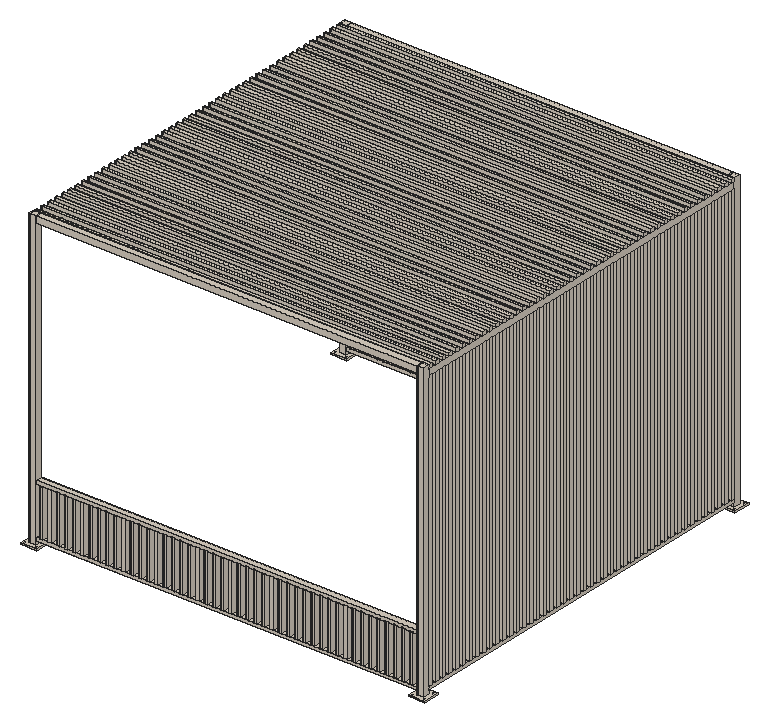
Revit family "Sun-Shades_SURYA_PalmSHIELD", category Generic Models, Revit 2021
Family settings
  Can host rebar = No
  Round Connector Dimension = Use Diameter
  Part Type = Normal
  Work Plane-Based = No
  Always vertical = Yes
  Cut with Voids When Loaded = No
  Shared = No
  Room Calculation Point = No
Parameters
  X2 [instance] = Length  # 20' - 0"
  X1 [instance] = Depth - 0' 8"  # 19' - 4"
  Side Trellis Length [instance] = Length - 0' 8"  # 19' - 4"
  Short Wall at Sides [instance] = yes
  Purlins Spacing Desired [instance] = 0' - 3"
  Length [instance] = 20' - 0"
  Wall Length [instance] = Depth - 0' 8"  # 19' - 4"
  URL = "https://palmshieldlouvers.com/"
  Trellis Length [instance] = Depth - 0' 8"  # 19' - 4"
  Trellis Height = 3' - 0"
  Specification = "https://www.arcat.com/company/palmshield-53925/spec"
  Purlin Width = 0' - 2"
  Purlin Height = 0' - 2"
  Product Page URL = "https://www.arcat.com/company/palmshield-53925"
  Material [instance] = PalmSHIELD - Alloy
  Manufacturer = "PalmSHIELD"  # constant formula
  Keynote = "06 87 00"
  Height [instance] = 15' - 0"
  Depth [instance] = 20' - 0"
  Default Elevation = 0' - 0"
  Copyright = "©ARCAT"  # constant formula
  Column Width [instance] = Length - 0' 8"  # 19' - 4"
  Center to Center [instance] = Purlins Spacing Desired + 0' 2"  # 0' - 5"
  CAD Details = "https://www.arcat.com/company/palmshield-53925/cad"
  Backside Wall Purlins Height [instance] = Height - 0' 6"  # 14' - 6"
Reference planes (in)
  plane 1 "Center (Front/Back)": y = 0
  plane 2: z = 0
  plane 3 "Center (Left/Right)": x = 0
  plane 4: y = 120
  plane 5: y = -120
  plane 6: x = -120
  plane 7: x = 120
  plane 8: y = 116
  plane 9: y = 119.75
  plane 10: y = 116.25
  plane 11: y = -116
  plane 12: y = -119.75
  plane 13: y = -116.25
  plane 14: x = -116
  plane 15: x = -119.75
  plane 16: x = -116.25
  plane 17: x = 116
  plane 18: x = 119.75
  plane 19: x = 116.25
  plane 20: y = 118
  plane 21: y = -118
  plane 22: x = -118
  plane 23: x = 118
  plane 24: z = 180
  plane 25: z = 178
  plane 26: z = 177.75
  plane 27: z = 174
  plane 28: z = 174.25
  plane 29: z = 3
  plane 30: z = 36
Forms (in)
  Extrusion 1, solid, material "PalmSHIELD - Alloy" <- "Material"
    sketch origin (0, 0, 0) x (1, 0, 0) y (0, 0, 1)
      loop
        line (-120, 178) -> (-120, 174) -> (-116, 174) -> (-116, 178) -> (-120, 178)
      loop
        line (-119.75, 177.75) -> (-119.75, 174.25) -> (-116.25, 174.25) -> (-116.25, 177.75) -> (-119.75, 177.75)
      loop
        line (116, 178) -> (116, 174) -> (120, 174) -> (120, 178) -> (116, 178)
      loop
        line (119.75, 177.75) -> (116.25, 177.75) -> (116.25, 174.25) -> (119.75, 174.25) -> (119.75, 177.75)
    from -116 to 116
Dimensions and locks (in)
  equal spacing: plane 6, plane 3 "Center (Left/Right)", plane 7
  equal spacing: plane 5, plane 1 "Center (Front/Back)", plane 4
  "Depth": plane 4 to plane 5
  "Length": plane 6 to plane 7
  locked: plane 4 to plane 9 at 0.25
  locked: plane 10 to plane 8 at 0.25
  locked: plane 4 to plane 8 at 4
  locked: plane 5 to plane 12 at 0.25
  locked: plane 13 to plane 11 at 0.25
  locked: plane 5 to plane 11 at 4
  locked: plane 6 to plane 15 at 0.25
  locked: plane 16 to plane 14 at 0.25
  locked: plane 6 to plane 14 at 4
  locked: plane 7 to plane 18 at 0.25
  locked: plane 19 to plane 17 at 0.25
  locked: plane 7 to plane 17 at 4
  equal spacing: plane 4, plane 20, plane 8
  equal spacing: plane 5, plane 21, plane 11
  equal spacing: plane 6, plane 22, plane 14
  equal spacing: plane 17, plane 23, plane 7
  "Purlin Height": plane 24 to plane 25
  plane 25 to plane 26 to plane 28 to plane 27 = 0' - 0 1/4" locked, 0' - 3 1/2" locked, 0' - 0 1/4" locked
  "Height": plane 24 to level
  locked: plane 29 to plane 2 at 3
  nested 4 to nested 4 = 19' - 4"
  "Trellis Height": plane 30 to plane 2
  aligned and locked: plane 2 to level
  aligned and locked: plane 3 "Center (Left/Right)" to nested 1
  aligned and locked: plane 20 to nested 1
  aligned and locked: nested 2 to plane 3 "Center (Left/Right)"
  aligned and locked: nested 2 to plane 21
  aligned and locked: Extrusion 1 sketch curve to plane 6
  aligned and locked: Extrusion 1 sketch curve to plane 25  (x2)
  aligned and locked: Extrusion 1 sketch curve to plane 14
  aligned and locked: Extrusion 1 sketch curve to plane 27  (x2)
  aligned and locked: Extrusion 1 sketch curve to plane 26  (x2)
  aligned and locked: Extrusion 1 sketch curve to plane 15
  aligned and locked: Extrusion 1 sketch curve to plane 16
  aligned and locked: Extrusion 1 sketch curve to plane 28  (x2)
  aligned and locked: Extrusion 1 sketch curve to plane 7
  aligned and locked: Extrusion 1 sketch curve to plane 18
  aligned and locked: Extrusion 1 sketch curve to plane 19
  aligned and locked: Extrusion 1 sketch curve to plane 17
  aligned and locked: plane 8 to Extrusion 1
  aligned and locked: plane 11 to Extrusion 1
  aligned and locked: nested 3 to plane 3 "Center (Left/Right)"
  aligned and locked: nested 3 to plane 1 "Center (Front/Back)"
  aligned and locked: nested 4 to plane 1 "Center (Front/Back)"
  aligned and locked: plane 23 to nested 4
  aligned and locked: nested 4 to plane 29
  aligned and locked: nested 5 to plane 3 "Center (Left/Right)"
  aligned and locked: plane 20 to nested 5
  aligned and locked: plane 3 "Center (Left/Right)" to nested 6
  aligned and locked: nested 6 to plane 21
  aligned and locked: plane 29 to nested 5
  aligned and locked: nested 6 to plane 29
Nested families (in)
  nested 1: "ALUMINUM SQ TUBE 4 X 4 X 0.25 BEAM 6063-T52" at (0, 118, -0.125) x (0, 1, 0) z (0, 0, 1), type "ALUMINUM SQ TUBE 4 X 4 X 0.25 BEAM 6063-T52"
    with LENGTH 19' - 4", WIDTH 19' - 4", HEIGHT 15' - 0"
  nested 2: "ALUMINUM SQ TUBE 4 X 4 X 0.25 BEAM 6063-T52" at (0, -118, -0.125) x (0, 1, 0) z (0, 0, 1), type "ALUMINUM SQ TUBE 4 X 4 X 0.25 BEAM 6063-T52"
    with LENGTH 19' - 4", WIDTH 19' - 4", HEIGHT 15' - 0"
  nested 3: "Family1" at (120, 0, 180) x (0, -1, 0) z (0, 0, -1), Purlin Spacing Desired <- "Purlins Spacing Desired", type "Overhanging Beams"
    with Purlin Spacing Desired 0' - 3", Purlin Spacing Calculated 0' - 3.11111", No of Horizontal Purlin 46, Center of Center 0' - 5.11111"
  nested 4: "BackSide Vertical Purlins" at (118, 0, 0) x (0, 1, 0) z (0, 0, 1), Purlins Spacing Desired <- "Purlins Spacing Desired", type "Trellis"
    with Wind & Privacy Ad On Options_Planter Trellis no, Wind & Privacy AD on Option - Vertical Privacy Aluminum Slats yes, Wall Purlins Height_1 14' - 1", Redius_2 12' - 0", Purlins Spacing Desired 0' - 3", Purlins Spacing Calculated 0' - 3.11111", No Of Trellis Purlins 46, Center to Center 0' - 5.11111"
  nested 5: "Trellis" at (0, 118, 0) x (-1, 0, 0) z (0, 0, 1), visible <- "Short Wall at Sides", type "Trellis 2"
    with Wind & Privacy Ad On Options_Planter Trellis no, Wind & Privacy AD on Option - Vertical Privacy Aluminum Slats yes, Wall Purlins Height 2' - 5", Redius_2 12' - 0", Trellis Length 19' - 4", Purlins Width 0' - 2", No Of Trellis Purlins 23
  nested 6: "Trellis" at (0, -118, 0) x (-1, 0, 0) z (0, 0, 1), visible <- "Short Wall at Sides", type "Trellis 2"
    with Wind & Privacy Ad On Options_Planter Trellis no, Wind & Privacy AD on Option - Vertical Privacy Aluminum Slats yes, Wall Purlins Height 2' - 5", Redius_2 12' - 0", Trellis Length 19' - 4", Purlins Width 0' - 2", No Of Trellis Purlins 23
Definition of nested family "ALUMINUM SQ TUBE 4 X 4 X 0.25 BEAM 6063-T52"
  Parameters (values of type "ALUMINUM SQ TUBE 4 X 4 X 0.25 BEAM 6063-T52")
    LENGTH = 24' - 2"
    WIDTH = 24' - 10"
    HEIGHT = 10' - 0"
    BEAM HEIGHT = 0' - 4"
    Default Elevation = 0' - 0"
    ALUMINUM = none
  Reference planes (in)
    plane 1 "Center (Front/Back)": y = 0
    plane 2: z = 0.125
    plane 3 "Center (Left/Right)": x = 0
    plane 4: z = 120.125
    plane 5: z = 116.375
    plane 6: z = 119.875
    plane 7: y = 145
    plane 8: y = -145
    plane 9: y = 149
    plane 10: y = -149
    plane 11: y = -147
    plane 12: z = 116.125
    plane 13: z = 118.125
    plane 14: y = 147
    plane 15: x = -2
    plane 16: x = 2
    plane 17: x = -1.75
    plane 18: x = 1.75
    plane 19: y = 152
    plane 20: y = 150.5
    plane 21: y = 142
    plane 22: y = 143.5
    plane 23: x = -5
    plane 24: x = 5
    plane 25: x = 3.5
    plane 26: x = -3.5
  Forms (in)
    Extrusion 1, solid, material <- "ALUMINUM"
      sketch origin (0, 0, 0) x (1, 0, 0) y (0, 0, 1)
        loop
          line (-2, 120.125) -> (-2, 116.125) -> (2, 116.125) -> (2, 120.125) -> (-2, 120.125)
        loop
          line (-1.75, 116.375) -> (1.75, 116.375) -> (1.75, 119.875) -> (-1.75, 119.875) -> (-1.75, 116.375)
      from -145 to 145
  Dimensions and locks (in)
    locked: plane 5 to plane 12 at 0.25
    locked: plane 4 to plane 6 at 0.25
    equal spacing: plane 7, plane 1 "Center (Front/Back)", plane 8
    "LENGTH": plane 7 to plane 8
    locked: plane 8 to plane 10 at 4
    equal spacing: plane 8, plane 11, plane 10
    "BEAM HEIGHT": plane 4 to plane 12
    equal spacing: plane 4, plane 13, plane 12
    "HEIGHT": plane 4 to level
    equal spacing: plane 7, plane 14, plane 9
    locked: plane 9 to plane 7 at 4
    equal spacing: plane 19, plane 20, plane 9
    equal spacing: plane 21, plane 22, plane 7
    locked: plane 19 to plane 9 at 3
    locked: plane 7 to plane 21 at 3
    equal spacing: plane 16, plane 25, plane 24
    locked: plane 16 to plane 24 at 3
    equal spacing: plane 15, plane 26, plane 23
    locked: plane 15 to plane 23 at 3
    aligned and locked: plane 2 to level
    aligned and locked: Extrusion 1 sketch curve to plane 4
    aligned and locked: Extrusion 1 sketch curve to plane 5
    aligned and locked: Extrusion 1 sketch curve to plane 6
    aligned and locked: nested 1 to plane 3 "Center (Left/Right)"
    aligned and locked: nested 1 to plane 11
    aligned and locked: Extrusion 1 to plane 12
    aligned and locked: nested 2 to plane 3 "Center (Left/Right)"
    aligned and locked: plane 14 to nested 2
    aligned and locked: plane 7 to Extrusion 1
    aligned and locked: Extrusion 1 sketch curve to plane 17
    aligned and locked: Extrusion 1 sketch curve to plane 15
    aligned and locked: Extrusion 1 sketch curve to plane 18
    aligned and locked: Extrusion 1 sketch curve to plane 16
    aligned and locked: Extrusion 1 to plane 8
  Automatic sketch dimensions
    Extrusion 1 sketch curve to plane 12 = 0' - 0"
  Nested families (in)
    nested 1: "STEEL SQ TUBE 4 X 4 X 0.25 CAPPED ASTM A500 GR.B" at (0, -147, 0.125), type "STEEL SQ TUBE 4 X 4 X 0.25 CAPPED ASTM A500 GR.B"
    nested 2: "STEEL SQ TUBE 4 X 4 X 0.25 CAPPED ASTM A500 GR.B" at (0, 147, 0.125), type "STEEL SQ TUBE 4 X 4 X 0.25 CAPPED ASTM A500 GR.B"
  Definition of nested family "STEEL SQ TUBE 4 X 4 X 0.25 CAPPED ASTM A500 GR.B"
    Parameters (values of type "STEEL SQ TUBE 4 X 4 X 0.25 CAPPED ASTM A500 GR.B")
      WIDTH = 0' - 4"
      STEEL = none
      HEIGHT = 10' - 0"
      Default Elevation = 0' - 0"
      DEPTH = 0' - 4"
      BASE PLATE WIDTH = 0' - 10"
      BASE PLATE THICKNESS = 0' - 0 3/4"
      BASE PLATE DEPTH = 0' - 10"
    Reference planes (in)
      plane 1 "Center (Front/Back)": y = 0
      plane 2: z = 0
      plane 3 "Center (Left/Right)": x = 0
      plane 4: y = 2
      plane 5: y = -2
      plane 6: x = -2
      plane 7: x = 2
      plane 8: x = -1.75
      plane 9: x = 1.75
      plane 10: y = 1.75
      plane 11: y = -1.75
      plane 12: z = 120
      plane 13: x = -5
      plane 14: x = 5
      plane 15: y = 5
      plane 16: y = -5
      plane 17: z = 0.75
      plane 18: y = 3.5
      plane 19: y = -3.5
      plane 20: x = -3.5
      plane 21: x = 3.5
      plane 22: z = 119.75
    Forms (in)
      Extrusion 1, solid, material <- "STEEL"
        sketch origin (0, 0, 0) x (1, 0, 0) y (0, 1, 0)
          loop
            line (-2, 2) -> (-2, -2) -> (2, -2) -> (2, 2) -> (-2, 2)
          loop
            line (-1.75, 1.75) -> (-1.75, -1.75) -> (1.75, -1.75) -> (1.75, 1.75) -> (-1.75, 1.75)
        from 0.75 to 120
      Extrusion 2, solid, material <- "STEEL"
        sketch origin (0, 0, 0) x (1, 0, 0) y (0, 1, 0)
          loop
            line (-5, 5) -> (-5, -5) -> (5, -5) -> (5, 5) -> (-5, 5)
        from 0 to 0.75
      Extrusion 3, void
        sketch origin (0, 0, 0) x (1, 0, 0) y (0, 1, 0)
          loop
            circle (-3.5, 3.5) r 0.25
          loop
            circle (-3.5, -3.5) r 0.25
          loop
            circle (3.5, 3.5) r 0.25
          loop
            circle (3.5, -3.5) r 0.25
        from 0 to 0.75
      Extrusion 4, solid, material <- "STEEL"
        sketch origin (0, 0, 0) x (1, 0, 0) y (0, 1, 0)
          loop
            line (-1.75, 1.75) -> (-1.75, -1.75) -> (1.75, -1.75) -> (1.75, 1.75) -> (-1.75, 1.75)
        from 119.75 to 120
    Cuts and joins
      Extrusion 3 cuts Extrusion 2
      joined: Extrusion 1, Extrusion 4
    Dimensions and locks (in)
      equal spacing: plane 6, plane 3 "Center (Left/Right)", plane 7
      equal spacing: plane 4, plane 1 "Center (Front/Back)", plane 5
      "WIDTH": plane 6 to plane 7
      "DEPTH": plane 4 to plane 5
      locked: plane 4 to plane 10 at 0.25
      locked: plane 6 to plane 8 at 0.25
      locked: plane 9 to plane 7 at 0.25
      locked: plane 11 to plane 5 at 0.25
      "HEIGHT": plane 12 to level
      equal spacing: plane 15, plane 1 "Center (Front/Back)", plane 16
      equal spacing: plane 13, plane 3 "Center (Left/Right)", plane 14
      "BASE PLATE WIDTH": plane 13 to plane 14
      "BASE PLATE DEPTH": plane 15 to plane 16
      "BASE PLATE THICKNESS": plane 17 to plane 2
      equal spacing: plane 15, plane 18, plane 4, locked at 1.5 each
      equal spacing: plane 16, plane 19, plane 5, locked at 1.5 each
      equal spacing: plane 13, plane 20, plane 6, locked at 1.5 each
      equal spacing: plane 14, plane 21, plane 7, locked at 1.5 each
      locked: plane 12 to plane 22 at 0.25
      aligned and locked: plane 2 to level
      aligned and locked: Extrusion 1 sketch curve to plane 4
      aligned and locked: Extrusion 1 sketch curve to plane 10
      aligned and locked: Extrusion 1 sketch curve to plane 8
      aligned and locked: Extrusion 1 sketch curve to plane 6
      aligned and locked: plane 11 to Extrusion 1 sketch curve
      aligned and locked: Extrusion 1 sketch curve to plane 5
      aligned and locked: Extrusion 1 sketch curve to plane 7
      aligned and locked: plane 9 to Extrusion 1 sketch curve
      aligned and locked: plane 12 to Extrusion 1
      aligned and locked: Extrusion 2 sketch curve to plane 13
      aligned and locked: Extrusion 2 sketch curve to plane 15
      aligned and locked: Extrusion 2 sketch curve to plane 16
      aligned and locked: Extrusion 2 sketch curve to plane 14
      aligned and locked: Extrusion 2 to plane 2
      aligned and locked: plane 17 to Extrusion 2
      aligned and locked: Extrusion 1 to plane 17
      aligned and locked: plane 20 to Extrusion 3 sketch curve  (x2)
      aligned and locked: plane 18 to Extrusion 3 sketch curve  (x2)
      aligned and locked: plane 19 to Extrusion 3 sketch curve  (x2)
      aligned and locked: plane 21 to Extrusion 3 sketch curve  (x2)
      aligned and locked: Extrusion 3 to level
      aligned and locked: plane 17 to Extrusion 3
      aligned and locked: Extrusion 4 sketch curve to plane 10
      aligned and locked: plane 8 to Extrusion 4 sketch curve
      aligned and locked: Extrusion 4 sketch curve to plane 11
      aligned and locked: plane 9 to Extrusion 4 sketch curve
      aligned and locked: Extrusion 4 to plane 22
      aligned and locked: plane 12 to Extrusion 4
    Automatic sketch dimensions
      radius of Extrusion 3 sketch curve = 0' - 0 1/4"  (x4)
Definition of nested family "Family1"
  Parameters (values of type "Overhanging Beams")
    Up = yes
    Purlin Width Half = Purlin Width / 2  # 0' - 1"
    Purlin Width = 0' - 2"
    Purlin Spacing Desired [instance] = 0' - 2"
    Purlin Spacing Calculated [instance] = (L - (No of Horizontal Purlin * Purlin Width)) / (No of Horizontal Purlin - 1)  # 0' - 2.03509"
    Purlin Length = 20' - 0"
    Purlin Height = 0' - 2"
    No of Horizontal Purlin [instance] = (L / (Purlin Width + Purlin Spacing Desired))  # 58
    Material = none
    L = 19' - 4"
    Down = no
    Default Elevation = 4' - 0"
    Center of Center [instance] = Purlin Width + Purlin Spacing Calculated  # 0' - 4.03509"
  Reference planes (in)
    plane 1 "Center (Front/Back)": y = 0
    plane 2: z = 0
    plane 3 "Center (Left/Right)": x = 0
    plane 4: y = 240
    plane 5: x = -116
    plane 6: x = 116
    plane 7: x = -115
    plane 8: x = -110.96491
    plane 9: y = 120
  Forms (in)
    Extrusion 1, solid
      sketch origin (0, 0, 0) x (1, 0, 0) y (0, 1, 0)
        loop
          line (-48, 48) -> (-48, -48) -> (48, -48) -> (48, 48) -> (-48, 48)
      from 0 to -12
  Dimensions and locks (in)
    "Purlin Length": plane 4 to plane 1 "Center (Front/Back)"
    "L": plane 5 to plane 6
    equal spacing: plane 5, plane 3 "Center (Left/Right)", plane 6
    "Center of Center": plane 7 to plane 8
    equal spacing: group 1, group 2, group 3, group 4, group 5, group 6, group 7, group 8, group 9, group 10, group 11, group 12, group 13, group 14, group 15, group 16, group 17, group 18, group 19, group 20, group 21, group 22, group 23, group 24, group 25, group 26, group 27, group 28, group 29, group 30, group 31, group 32, group 33, group 34, group 35, group 36, group 37, group 38, group 39, group 40, group 41, group 42, group 43, group 44, group 45, group 46, group 47, group 48, group 49, group 50, group 51, group 52, group 53, group 54, group 55, group 56, group 57, group 58  (x3)
    equal spacing: plane 1 "Center (Front/Back)", plane 9, plane 4
    "Purlin Width Half": plane 5 to plane 7
    aligned and locked: plane 2 to Extrusion 1
    aligned and locked: level to Extrusion 1
    aligned and locked: nested 1 to plane 7
    aligned and locked: plane 8 to nested 2
  Automatic sketch dimensions
    Extrusion 1 sketch curve to Extrusion 1 sketch curve = 8' - 0"  (x2)
  Nested families (in)
    nested 1: "Family2" at (-115, 0, 0) x (-1, 0, 0) z (0, 0, 1), type "Up"
      with Up yes, Purlin Length 20' - 0", Down no
    nested 2: "Family2" at (-110.96491, 0, 0) x (-1, 0, 0) z (0, 0, 1), type "Up"
      with Up yes, Purlin Length 20' - 0", Down no
    nested 3: "Family2" at (-106.92982, 0, 0) x (-1, 0, 0) z (0, 0, 1), type "Up"
      with Up yes, Purlin Length 20' - 0", Down no
    nested 4: "Family2" at (-102.89474, 0, 0) x (-1, 0, 0) z (0, 0, 1), type "Up"
      with Up yes, Purlin Length 20' - 0", Down no
    nested 5: "Family2" at (-98.85965, 0, 0) x (-1, 0, 0) z (0, 0, 1), type "Up"
      with Up yes, Purlin Length 20' - 0", Down no
    nested 6: "Family2" at (-94.82456, 0, 0) x (-1, 0, 0) z (0, 0, 1), type "Up"
      with Up yes, Purlin Length 20' - 0", Down no
    nested 7: "Family2" at (-90.78947, 0, 0) x (-1, 0, 0) z (0, 0, 1), type "Up"
      with Up yes, Purlin Length 20' - 0", Down no
    nested 8: "Family2" at (-86.75439, 0, 0) x (-1, 0, 0) z (0, 0, 1), type "Up"
      with Up yes, Purlin Length 20' - 0", Down no
    nested 9: "Family2" at (-82.7193, 0, 0) x (-1, 0, 0) z (0, 0, 1), type "Up"
      with Up yes, Purlin Length 20' - 0", Down no
    nested 10: "Family2" at (-78.68421, 0, 0) x (-1, 0, 0) z (0, 0, 1), type "Up"
      with Up yes, Purlin Length 20' - 0", Down no
    nested 11: "Family2" at (-74.64912, 0, 0) x (-1, 0, 0) z (0, 0, 1), type "Up"
      with Up yes, Purlin Length 20' - 0", Down no
    nested 12: "Family2" at (-70.61404, 0, 0) x (-1, 0, 0) z (0, 0, 1), type "Up"
      with Up yes, Purlin Length 20' - 0", Down no
    nested 13: "Family2" at (-66.57895, 0, 0) x (-1, 0, 0) z (0, 0, 1), type "Up"
      with Up yes, Purlin Length 20' - 0", Down no
    nested 14: "Family2" at (-62.54386, 0, 0) x (-1, 0, 0) z (0, 0, 1), type "Up"
      with Up yes, Purlin Length 20' - 0", Down no
    nested 15: "Family2" at (-58.50877, 0, 0) x (-1, 0, 0) z (0, 0, 1), type "Up"
      with Up yes, Purlin Length 20' - 0", Down no
    nested 16: "Family2" at (-54.47368, 0, 0) x (-1, 0, 0) z (0, 0, 1), type "Up"
      with Up yes, Purlin Length 20' - 0", Down no
    nested 17: "Family2" at (-50.4386, 0, 0) x (-1, 0, 0) z (0, 0, 1), type "Up"
      with Up yes, Purlin Length 20' - 0", Down no
    nested 18: "Family2" at (-46.40351, 0, 0) x (-1, 0, 0) z (0, 0, 1), type "Up"
      with Up yes, Purlin Length 20' - 0", Down no
    nested 19: "Family2" at (-42.36842, 0, 0) x (-1, 0, 0) z (0, 0, 1), type "Up"
      with Up yes, Purlin Length 20' - 0", Down no
    nested 20: "Family2" at (-38.33333, 0, 0) x (-1, 0, 0) z (0, 0, 1), type "Up"
      with Up yes, Purlin Length 20' - 0", Down no
    nested 21: "Family2" at (-34.29825, 0, 0) x (-1, 0, 0) z (0, 0, 1), type "Up"
      with Up yes, Purlin Length 20' - 0", Down no
    nested 22: "Family2" at (-30.26316, 0, 0) x (-1, 0, 0) z (0, 0, 1), type "Up"
      with Up yes, Purlin Length 20' - 0", Down no
    nested 23: "Family2" at (-26.22807, 0, 0) x (-1, 0, 0) z (0, 0, 1), type "Up"
      with Up yes, Purlin Length 20' - 0", Down no
    nested 24: "Family2" at (-22.19298, 0, 0) x (-1, 0, 0) z (0, 0, 1), type "Up"
      with Up yes, Purlin Length 20' - 0", Down no
    nested 25: "Family2" at (-18.15789, 0, 0) x (-1, 0, 0) z (0, 0, 1), type "Up"
      with Up yes, Purlin Length 20' - 0", Down no
    nested 26: "Family2" at (-14.12281, 0, 0) x (-1, 0, 0) z (0, 0, 1), type "Up"
      with Up yes, Purlin Length 20' - 0", Down no
    nested 27: "Family2" at (-10.08772, 0, 0) x (-1, 0, 0) z (0, 0, 1), type "Up"
      with Up yes, Purlin Length 20' - 0", Down no
    nested 28: "Family2" at (-6.05263, 0, 0) x (-1, 0, 0) z (0, 0, 1), type "Up"
      with Up yes, Purlin Length 20' - 0", Down no
    nested 29: "Family2" at (-2.01754, 0, 0) x (-1, 0, 0) z (0, 0, 1), type "Up"
      with Up yes, Purlin Length 20' - 0", Down no
    nested 30: "Family2" at (2.01754, 0, 0) x (-1, 0, 0) z (0, 0, 1), type "Up"
      with Up yes, Purlin Length 20' - 0", Down no
    nested 31: "Family2" at (6.05263, 0, 0) x (-1, 0, 0) z (0, 0, 1), type "Up"
      with Up yes, Purlin Length 20' - 0", Down no
    nested 32: "Family2" at (10.08772, 0, 0) x (-1, 0, 0) z (0, 0, 1), type "Up"
      with Up yes, Purlin Length 20' - 0", Down no
    nested 33: "Family2" at (14.12281, 0, 0) x (-1, 0, 0) z (0, 0, 1), type "Up"
      with Up yes, Purlin Length 20' - 0", Down no
    nested 34: "Family2" at (18.15789, 0, 0) x (-1, 0, 0) z (0, 0, 1), type "Up"
      with Up yes, Purlin Length 20' - 0", Down no
    nested 35: "Family2" at (22.19298, 0, 0) x (-1, 0, 0) z (0, 0, 1), type "Up"
      with Up yes, Purlin Length 20' - 0", Down no
    nested 36: "Family2" at (26.22807, 0, 0) x (-1, 0, 0) z (0, 0, 1), type "Up"
      with Up yes, Purlin Length 20' - 0", Down no
    nested 37: "Family2" at (30.26316, 0, 0) x (-1, 0, 0) z (0, 0, 1), type "Up"
      with Up yes, Purlin Length 20' - 0", Down no
    nested 38: "Family2" at (34.29825, 0, 0) x (-1, 0, 0) z (0, 0, 1), type "Up"
      with Up yes, Purlin Length 20' - 0", Down no
    nested 39: "Family2" at (38.33333, 0, 0) x (-1, 0, 0) z (0, 0, 1), type "Up"
      with Up yes, Purlin Length 20' - 0", Down no
    nested 40: "Family2" at (42.36842, 0, 0) x (-1, 0, 0) z (0, 0, 1), type "Up"
      with Up yes, Purlin Length 20' - 0", Down no
    nested 41: "Family2" at (46.40351, 0, 0) x (-1, 0, 0) z (0, 0, 1), type "Up"
      with Up yes, Purlin Length 20' - 0", Down no
    nested 42: "Family2" at (50.4386, 0, 0) x (-1, 0, 0) z (0, 0, 1), type "Up"
      with Up yes, Purlin Length 20' - 0", Down no
    nested 43: "Family2" at (54.47368, 0, 0) x (-1, 0, 0) z (0, 0, 1), type "Up"
      with Up yes, Purlin Length 20' - 0", Down no
    nested 44: "Family2" at (58.50877, 0, 0) x (-1, 0, 0) z (0, 0, 1), type "Up"
      with Up yes, Purlin Length 20' - 0", Down no
    nested 45: "Family2" at (62.54386, 0, 0) x (-1, 0, 0) z (0, 0, 1), type "Up"
      with Up yes, Purlin Length 20' - 0", Down no
    nested 46: "Family2" at (66.57895, 0, 0) x (-1, 0, 0) z (0, 0, 1), type "Up"
      with Up yes, Purlin Length 20' - 0", Down no
    nested 47: "Family2" at (70.61404, 0, 0) x (-1, 0, 0) z (0, 0, 1), type "Up"
      with Up yes, Purlin Length 20' - 0", Down no
    nested 48: "Family2" at (74.64912, 0, 0) x (-1, 0, 0) z (0, 0, 1), type "Up"
      with Up yes, Purlin Length 20' - 0", Down no
    nested 49: "Family2" at (78.68421, 0, 0) x (-1, 0, 0) z (0, 0, 1), type "Up"
      with Up yes, Purlin Length 20' - 0", Down no
    nested 50: "Family2" at (82.7193, 0, 0) x (-1, 0, 0) z (0, 0, 1), type "Up"
      with Up yes, Purlin Length 20' - 0", Down no
    nested 51: "Family2" at (86.75439, 0, 0) x (-1, 0, 0) z (0, 0, 1), type "Up"
      with Up yes, Purlin Length 20' - 0", Down no
    nested 52: "Family2" at (90.78947, 0, 0) x (-1, 0, 0) z (0, 0, 1), type "Up"
      with Up yes, Purlin Length 20' - 0", Down no
    nested 53: "Family2" at (94.82456, 0, 0) x (-1, 0, 0) z (0, 0, 1), type "Up"
      with Up yes, Purlin Length 20' - 0", Down no
    nested 54: "Family2" at (98.85965, 0, 0) x (-1, 0, 0) z (0, 0, 1), type "Up"
      with Up yes, Purlin Length 20' - 0", Down no
    nested 55: "Family2" at (102.89474, 0, 0) x (-1, 0, 0) z (0, 0, 1), type "Up"
      with Up yes, Purlin Length 20' - 0", Down no
    nested 56: "Family2" at (106.92982, 0, 0) x (-1, 0, 0) z (0, 0, 1), type "Up"
      with Up yes, Purlin Length 20' - 0", Down no
    nested 57: "Family2" at (110.96491, 0, 0) x (-1, 0, 0) z (0, 0, 1), type "Up"
      with Up yes, Purlin Length 20' - 0", Down no
    nested 58: "Family2" at (115, 0, 0) x (-1, 0, 0) z (0, 0, 1), type "Up"
      with Up yes, Purlin Length 20' - 0", Down no
  Definition of nested family "Family2"
    Parameters (values of type "Down")
      Up = yes
      Purlin Length = 2' - 8.61991"
      Purlin Height = 0' - 3"
      Parlin Width = 0' - 2"
      Material = none
      Down = no
      Default Elevation = 0' - 0"
    Types (3): name | Up | Purlin Length | Purlin Height | Down
      Up | no | 19' - 4" | 0' - 2" | yes
      Down | yes | 2' - 8.61991" | 0' - 3" | no
      Family2 | no | 19' - 4" | 0' - 2" | no
    Reference planes (in)
      plane 1 "Center (Front/Back)": y = 0
      plane 2: z = 0
      plane 3 "Center (Left/Right)": x = 0
      plane 4: z = 3
      plane 5: x = -1
      plane 6: x = 1
      plane 7: z = -3
      plane 8: z = 2.875
      plane 9: z = -2.875
      plane 10: x = 0.875
      plane 11: x = -0.875
      plane 12: z = 0.125
      plane 13: z = -0.125
      plane 14: y = 32.61991
      plane 15: y = 0.125
      plane 16: y = 32.49491
    Forms (in)
      Extrusion 1, solid, material <- "Material", visible <- "Up"
        sketch origin (0, 0, 0) x (1, 0, 0) y (0, 0, 1)
          loop
            line (1, 3) -> (-1, 3) -> (-1, 0) -> (1, 0) -> (1, 3)
          loop
            line (-0.875, 2.875) -> (-0.875, 0.125) -> (0.875, 0.125) -> (0.875, 2.875) -> (-0.875, 2.875)
        from -32.61991 to 0
      Extrusion 2, solid, material <- "Material", visible <- "Down"
        sketch origin (0, 0, 0) x (1, 0, 0) y (0, 0, 1)
          loop
            line (-1, 0) -> (-1, -3) -> (1, -3) -> (1, 0) -> (-1, 0)
          loop
            line (0.875, -2.875) -> (0.875, -0.125) -> (-0.875, -0.125) -> (-0.875, -2.875) -> (0.875, -2.875)
        from 0 to -32.61991
      Extrusion 3, solid, material <- "Material", visible <- "Up"
        sketch origin (0, 0, 0) x (1, 0, 0) y (0, 0, 1)
          loop
            line (0.875, 2.875) -> (-0.875, 2.875) -> (-0.875, 0.125) -> (0.875, 0.125) -> (0.875, 2.875)
        from -0.125 to 0
      Extrusion 4, solid, material <- "Material", visible <- "Up"
        sketch origin (0, 0, 0) x (1, 0, 0) y (0, 0, 1)
          loop
            line (0.875, 2.875) -> (-0.875, 2.875) -> (-0.875, 0.125) -> (0.875, 0.125) -> (0.875, 2.875)
        from -32.61991 to -32.49491
      Extrusion 5, solid, material <- "Material", visible <- "Down"
        sketch origin (0, 0, 0) x (1, 0, 0) y (0, 0, 1)
          loop
            line (-0.875, -0.125) -> (-0.875, -2.875) -> (0.875, -2.875) -> (0.875, -0.125) -> (-0.875, -0.125)
        from -0.125 to 0
      Extrusion 6, solid, material <- "Material", visible <- "Down"
        sketch origin (0, 0, 0) x (1, 0, 0) y (0, 0, 1)
          loop
            line (-0.875, -0.125) -> (-0.875, -2.875) -> (0.875, -2.875) -> (0.875, -0.125) -> (-0.875, -0.125)
        from -32.61991 to -32.49491
    Cuts and joins
      joined: Extrusion 1, Extrusion 3, Extrusion 4
      joined: Extrusion 2, Extrusion 5, Extrusion 6
    Dimensions and locks (in)
      "Purlin Height": plane 4 to level
      equal spacing: plane 6, plane 3 "Center (Left/Right)", plane 5
      "Parlin Width": plane 5 to plane 6
      "Purlin Height": plane 2 to plane 7
      locked: plane 4 to plane 8 at 0.125
      locked: plane 9 to plane 7 at 0.125
      locked: plane 11 to plane 5 at 0.125
      locked: plane 10 to plane 6 at 0.125
      locked: plane 12 to plane 2 at 0.125
      locked: plane 13 to plane 2 at 0.125
      "Purlin Length": plane 14 to plane 1 "Center (Front/Back)"
      locked: plane 1 "Center (Front/Back)" to plane 15 at 0.125
      locked: plane 14 to plane 16 at 0.125
      aligned and locked: plane 2 to level
      aligned and locked: Extrusion 1 sketch curve to plane 4
      aligned and locked: Extrusion 1 sketch curve to plane 5
      aligned and locked: plane 6 to Extrusion 1 sketch curve
      aligned and locked: Extrusion 1 sketch curve to level
      aligned and locked: Extrusion 1 sketch curve to plane 11
      aligned and locked: Extrusion 1 sketch curve to plane 8
      aligned and locked: plane 10 to Extrusion 1 sketch curve
      aligned and locked: Extrusion 1 sketch curve to plane 12
      aligned and locked: plane 1 "Center (Front/Back)" to Extrusion 1
      aligned and locked: plane 14 to Extrusion 1
      aligned and locked: Extrusion 2 sketch curve to level
      aligned and locked: Extrusion 2 sketch curve to plane 5
      aligned and locked: plane 6 to Extrusion 2 sketch curve
      aligned and locked: plane 7 to Extrusion 2 sketch curve
      aligned and locked: plane 9 to Extrusion 2 sketch curve
      aligned and locked: plane 10 to Extrusion 2 sketch curve
      aligned and locked: Extrusion 2 sketch curve to plane 11
      aligned and locked: plane 13 to Extrusion 2 sketch curve
      aligned and locked: plane 14 to Extrusion 2
      aligned and locked: plane 1 "Center (Front/Back)" to Extrusion 2
      aligned and locked: Extrusion 1 to plane 1 "Center (Front/Back)"  (x2)
      aligned and locked: Extrusion 1 to plane 14
      aligned and locked: Extrusion 3 sketch curve to plane 8
      aligned and locked: Extrusion 3 sketch curve to plane 12
      aligned and locked: Extrusion 3 sketch curve to plane 11
      aligned and locked: plane 10 to Extrusion 3 sketch curve
      aligned and locked: plane 15 to Extrusion 3
      aligned and locked: plane 1 "Center (Front/Back)" to Extrusion 3
      aligned and locked: Extrusion 4 sketch curve to plane 8
      aligned and locked: Extrusion 4 sketch curve to plane 11
      aligned and locked: plane 10 to Extrusion 4 sketch curve
      aligned and locked: Extrusion 4 sketch curve to plane 12
      aligned and locked: plane 14 to Extrusion 4
      aligned and locked: Extrusion 4 to plane 16
      aligned and locked: plane 13 to Extrusion 5 sketch curve
      aligned and locked: plane 9 to Extrusion 5 sketch curve
      aligned and locked: Extrusion 5 sketch curve to plane 11
      aligned and locked: plane 10 to Extrusion 5 sketch curve
      aligned and locked: plane 1 "Center (Front/Back)" to Extrusion 5
      aligned and locked: plane 15 to Extrusion 5
      aligned and locked: plane 13 to Extrusion 6 sketch curve
      aligned and locked: plane 9 to Extrusion 6 sketch curve
      aligned and locked: Extrusion 6 sketch curve to plane 11
      aligned and locked: plane 10 to Extrusion 6 sketch curve
      aligned and locked: plane 14 to Extrusion 6
      aligned and locked: Extrusion 6 to plane 16
Definition of nested family "BackSide Vertical Purlins"
  Parameters (values of type "Trellis")
    Wind & Privacy Ad On Options_Planter Trellis [instance] = no
    Wind & Privacy AD on Option - Vertical Privacy Aluminum Slats [instance] = yes
    Wall Vertical Purlins = 12' - 0"
    Wall Purlins Height_1 [instance] = Back Side Wall Prlins Height - 0' 5"  # 14' - 1"
    Wall Length = 19' - 4"
    Purlins Spacing Desired [instance] = 0' - 3"
    Purlins Spacing Calculated [instance] = (Wall Length - (No Of Trellis Purlins * Purlins Width)) / (No Of Trellis Purlins - 1)  # 0' - 3.11111"
    Purlin Width Half = Purlins Width / 2  # 0' - 1"
    Back Side Wall Prlins Height = 14' - 6"
    Redius_2 [instance] = 12' - 0"
    Purlins Width = 0' - 2"
    No Of Trellis Purlins [instance] = (Wall Length / (Purlins Width + Purlins Spacing Desired))  # 46
    Material = none
    Default Elevation = 0' - 0"
    Center to Center [instance] = Purlins Width + Purlins Spacing Calculated  # 0' - 5.11111"
  Reference planes (in)
    plane 1 "Center (Front/Back)": y = 0
    plane 2: z = 0
    plane 3 "Center (Left/Right)": x = 0
    plane 4: x = -116
    plane 5: x = 116
    plane 6: x = -115
    plane 7: x = -109.88889
    plane 8: z = 3
    plane 9: y = 2
    plane 10: y = -2
    plane 11: y = -1.875
    plane 12: y = 1.875
    plane 13: z = 3.125
    plane 14: z = 5
    plane 15: z = 4.875
    plane 16: z = 174
    plane 17: z = 173.875
    plane 18: z = 172
    plane 19: z = 172.125
  Forms (in)
    Extrusion 1, solid, material <- "Material"
      sketch origin (0, 0, 0) x (0, 1, 0) y (0, 0, 1)
        loop
          line (2, 5) -> (-2, 5) -> (-2, 3) -> (2, 3) -> (2, 5)
        loop
          line (1.875, 4.875) -> (-1.875, 4.875) -> (-1.875, 3.125) -> (1.875, 3.125) -> (1.875, 4.875)
      from -116 to 116
  Dimensions and locks (in)
    "Wall Length": plane 4 to plane 5
    "Center to Center": plane 6 to plane 7
    plane 8 to level = 0' - 3"
    locked: plane 9 to plane 10 at 4
    locked: plane 12 to plane 9 at 0.125
    locked: plane 11 to plane 10 at 0.125
    plane 14 to plane 15 to plane 13 to plane 8 = 0' - 0 1/8" locked, 0' - 1 3/4" locked, 0' - 0 1/8" locked
    "Back Side Wall Prlins Height": plane 16 to level
    plane 16 to plane 17 to plane 19 to plane 18 = 0' - 0 1/8" locked, 0' - 1 3/4" locked, 0' - 0 1/8" locked
    plane 14 to level = 0' - 5"
    equal spacing: group 2, group 3, group 4, group 5, group 6, group 7, group 8, group 9, group 10, group 11, group 12, group 13, group 14, group 15, group 16, group 17, group 18, group 19, group 20, group 21, group 22, group 23, group 24, group 25, group 26, group 27, group 28, group 29, group 30, group 31, group 32, group 33, group 34, group 35, group 36, group 37, group 38, group 39, group 40, group 41, group 42, group 43, group 44, group 45, group 46, group 47  (x3)
    equal spacing: plane 4, plane 3 "Center (Left/Right)", plane 5
    "Purlin Width Half": plane 4 to plane 6
    aligned and locked: plane 2 to level
    aligned and locked: nested 2 to plane 6
    aligned and locked: nested 2 to plane 1 "Center (Front/Back)"
    aligned and locked: plane 14 to Extrusion 1 sketch curve
    aligned and locked: plane 15 to Extrusion 1 sketch curve
    aligned and locked: plane 13 to Extrusion 1 sketch curve
    aligned and locked: plane 8 to Extrusion 1 sketch curve
    aligned and locked: plane 9 to Extrusion 1 sketch curve
    aligned and locked: plane 12 to Extrusion 1 sketch curve
    aligned and locked: Extrusion 1 sketch curve to plane 11
    aligned and locked: Extrusion 1 sketch curve to plane 10
    aligned and locked: Extrusion 1 to plane 4
    aligned and locked: plane 5 to Extrusion 1
    aligned and locked: nested 3 to plane 7
  Nested families (in)
    nested 1: "Vertical Purlin" at (-14.11258, -7.68441, 5) x (0.8607, -0.509, 0) z (0, 0, 1), visible <- "Wind & Privacy AD on Option - Vertical Privacy Aluminum Slats", type "Vertical Purlin", not visible
    nested 2: "Vertical Purlin" at (-115, 0, 5) x (0, 1, 0) z (0, 0, 1), visible <- "Wind & Privacy AD on Option - Vertical Privacy Aluminum Slats", type "Vertical Purlin"
    nested 3: "Vertical Purlin" at (-109.88889, 0, 5) x (0, 1, 0) z (0, 0, 1), visible <- "Wind & Privacy AD on Option - Vertical Privacy Aluminum Slats", type "Vertical Purlin"
    nested 4: "Vertical Purlin" at (-104.77778, 0, 5) x (0, 1, 0) z (0, 0, 1), visible <- "Wind & Privacy AD on Option - Vertical Privacy Aluminum Slats", type "Vertical Purlin"
    nested 5: "Vertical Purlin" at (-99.66667, 0, 5) x (0, 1, 0) z (0, 0, 1), visible <- "Wind & Privacy AD on Option - Vertical Privacy Aluminum Slats", type "Vertical Purlin"
    nested 6: "Vertical Purlin" at (-94.55556, 0, 5) x (0, 1, 0) z (0, 0, 1), visible <- "Wind & Privacy AD on Option - Vertical Privacy Aluminum Slats", type "Vertical Purlin"
    nested 7: "Vertical Purlin" at (-89.44444, 0, 5) x (0, 1, 0) z (0, 0, 1), visible <- "Wind & Privacy AD on Option - Vertical Privacy Aluminum Slats", type "Vertical Purlin"
    nested 8: "Vertical Purlin" at (-84.33333, 0, 5) x (0, 1, 0) z (0, 0, 1), visible <- "Wind & Privacy AD on Option - Vertical Privacy Aluminum Slats", type "Vertical Purlin"
    nested 9: "Vertical Purlin" at (-79.22222, 0, 5) x (0, 1, 0) z (0, 0, 1), visible <- "Wind & Privacy AD on Option - Vertical Privacy Aluminum Slats", type "Vertical Purlin"
    nested 10: "Vertical Purlin" at (-74.11111, 0, 5) x (0, 1, 0) z (0, 0, 1), visible <- "Wind & Privacy AD on Option - Vertical Privacy Aluminum Slats", type "Vertical Purlin"
    nested 11: "Vertical Purlin" at (-69, 0, 5) x (0, 1, 0) z (0, 0, 1), visible <- "Wind & Privacy AD on Option - Vertical Privacy Aluminum Slats", type "Vertical Purlin"
    nested 12: "Vertical Purlin" at (-63.88889, 0, 5) x (0, 1, 0) z (0, 0, 1), visible <- "Wind & Privacy AD on Option - Vertical Privacy Aluminum Slats", type "Vertical Purlin"
    nested 13: "Vertical Purlin" at (-58.77778, 0, 5) x (0, 1, 0) z (0, 0, 1), visible <- "Wind & Privacy AD on Option - Vertical Privacy Aluminum Slats", type "Vertical Purlin"
    nested 14: "Vertical Purlin" at (-53.66667, 0, 5) x (0, 1, 0) z (0, 0, 1), visible <- "Wind & Privacy AD on Option - Vertical Privacy Aluminum Slats", type "Vertical Purlin"
    nested 15: "Vertical Purlin" at (-48.55556, 0, 5) x (0, 1, 0) z (0, 0, 1), visible <- "Wind & Privacy AD on Option - Vertical Privacy Aluminum Slats", type "Vertical Purlin"
    nested 16: "Vertical Purlin" at (-43.44444, 0, 5) x (0, 1, 0) z (0, 0, 1), visible <- "Wind & Privacy AD on Option - Vertical Privacy Aluminum Slats", type "Vertical Purlin"
    nested 17: "Vertical Purlin" at (-38.33333, 0, 5) x (0, 1, 0) z (0, 0, 1), visible <- "Wind & Privacy AD on Option - Vertical Privacy Aluminum Slats", type "Vertical Purlin"
    nested 18: "Vertical Purlin" at (-33.22222, 0, 5) x (0, 1, 0) z (0, 0, 1), visible <- "Wind & Privacy AD on Option - Vertical Privacy Aluminum Slats", type "Vertical Purlin"
    nested 19: "Vertical Purlin" at (-28.11111, 0, 5) x (0, 1, 0) z (0, 0, 1), visible <- "Wind & Privacy AD on Option - Vertical Privacy Aluminum Slats", type "Vertical Purlin"
    nested 20: "Vertical Purlin" at (-23, 0, 5) x (0, 1, 0) z (0, 0, 1), visible <- "Wind & Privacy AD on Option - Vertical Privacy Aluminum Slats", type "Vertical Purlin"
    nested 21: "Vertical Purlin" at (-17.88889, 0, 5) x (0, 1, 0) z (0, 0, 1), visible <- "Wind & Privacy AD on Option - Vertical Privacy Aluminum Slats", type "Vertical Purlin"
    nested 22: "Vertical Purlin" at (-12.77778, 0, 5) x (0, 1, 0) z (0, 0, 1), visible <- "Wind & Privacy AD on Option - Vertical Privacy Aluminum Slats", type "Vertical Purlin"
    nested 23: "Vertical Purlin" at (-7.66667, 0, 5) x (0, 1, 0) z (0, 0, 1), visible <- "Wind & Privacy AD on Option - Vertical Privacy Aluminum Slats", type "Vertical Purlin"
    nested 24: "Vertical Purlin" at (-2.55556, 0, 5) x (0, 1, 0) z (0, 0, 1), visible <- "Wind & Privacy AD on Option - Vertical Privacy Aluminum Slats", type "Vertical Purlin"
    nested 25: "Vertical Purlin" at (2.55556, 0, 5) x (0, 1, 0) z (0, 0, 1), visible <- "Wind & Privacy AD on Option - Vertical Privacy Aluminum Slats", type "Vertical Purlin"
    nested 26: "Vertical Purlin" at (7.66667, 0, 5) x (0, 1, 0) z (0, 0, 1), visible <- "Wind & Privacy AD on Option - Vertical Privacy Aluminum Slats", type "Vertical Purlin"
    nested 27: "Vertical Purlin" at (12.77778, 0, 5) x (0, 1, 0) z (0, 0, 1), visible <- "Wind & Privacy AD on Option - Vertical Privacy Aluminum Slats", type "Vertical Purlin"
    nested 28: "Vertical Purlin" at (17.88889, 0, 5) x (0, 1, 0) z (0, 0, 1), visible <- "Wind & Privacy AD on Option - Vertical Privacy Aluminum Slats", type "Vertical Purlin"
    nested 29: "Vertical Purlin" at (23, 0, 5) x (0, 1, 0) z (0, 0, 1), visible <- "Wind & Privacy AD on Option - Vertical Privacy Aluminum Slats", type "Vertical Purlin"
    nested 30: "Vertical Purlin" at (28.11111, 0, 5) x (0, 1, 0) z (0, 0, 1), visible <- "Wind & Privacy AD on Option - Vertical Privacy Aluminum Slats", type "Vertical Purlin"
    nested 31: "Vertical Purlin" at (33.22222, 0, 5) x (0, 1, 0) z (0, 0, 1), visible <- "Wind & Privacy AD on Option - Vertical Privacy Aluminum Slats", type "Vertical Purlin"
    nested 32: "Vertical Purlin" at (38.33333, 0, 5) x (0, 1, 0) z (0, 0, 1), visible <- "Wind & Privacy AD on Option - Vertical Privacy Aluminum Slats", type "Vertical Purlin"
    nested 33: "Vertical Purlin" at (43.44444, 0, 5) x (0, 1, 0) z (0, 0, 1), visible <- "Wind & Privacy AD on Option - Vertical Privacy Aluminum Slats", type "Vertical Purlin"
    nested 34: "Vertical Purlin" at (48.55556, 0, 5) x (0, 1, 0) z (0, 0, 1), visible <- "Wind & Privacy AD on Option - Vertical Privacy Aluminum Slats", type "Vertical Purlin"
    nested 35: "Vertical Purlin" at (53.66667, 0, 5) x (0, 1, 0) z (0, 0, 1), visible <- "Wind & Privacy AD on Option - Vertical Privacy Aluminum Slats", type "Vertical Purlin"
    nested 36: "Vertical Purlin" at (58.77778, 0, 5) x (0, 1, 0) z (0, 0, 1), visible <- "Wind & Privacy AD on Option - Vertical Privacy Aluminum Slats", type "Vertical Purlin"
    nested 37: "Vertical Purlin" at (63.88889, 0, 5) x (0, 1, 0) z (0, 0, 1), visible <- "Wind & Privacy AD on Option - Vertical Privacy Aluminum Slats", type "Vertical Purlin"
    nested 38: "Vertical Purlin" at (69, 0, 5) x (0, 1, 0) z (0, 0, 1), visible <- "Wind & Privacy AD on Option - Vertical Privacy Aluminum Slats", type "Vertical Purlin"
    nested 39: "Vertical Purlin" at (74.11111, 0, 5) x (0, 1, 0) z (0, 0, 1), visible <- "Wind & Privacy AD on Option - Vertical Privacy Aluminum Slats", type "Vertical Purlin"
    nested 40: "Vertical Purlin" at (79.22222, 0, 5) x (0, 1, 0) z (0, 0, 1), visible <- "Wind & Privacy AD on Option - Vertical Privacy Aluminum Slats", type "Vertical Purlin"
    nested 41: "Vertical Purlin" at (84.33333, 0, 5) x (0, 1, 0) z (0, 0, 1), visible <- "Wind & Privacy AD on Option - Vertical Privacy Aluminum Slats", type "Vertical Purlin"
    nested 42: "Vertical Purlin" at (89.44444, 0, 5) x (0, 1, 0) z (0, 0, 1), visible <- "Wind & Privacy AD on Option - Vertical Privacy Aluminum Slats", type "Vertical Purlin"
    nested 43: "Vertical Purlin" at (94.55556, 0, 5) x (0, 1, 0) z (0, 0, 1), visible <- "Wind & Privacy AD on Option - Vertical Privacy Aluminum Slats", type "Vertical Purlin"
    nested 44: "Vertical Purlin" at (99.66667, 0, 5) x (0, 1, 0) z (0, 0, 1), visible <- "Wind & Privacy AD on Option - Vertical Privacy Aluminum Slats", type "Vertical Purlin"
    nested 45: "Vertical Purlin" at (104.77778, 0, 5) x (0, 1, 0) z (0, 0, 1), visible <- "Wind & Privacy AD on Option - Vertical Privacy Aluminum Slats", type "Vertical Purlin"
    nested 46: "Vertical Purlin" at (109.88889, 0, 5) x (0, 1, 0) z (0, 0, 1), visible <- "Wind & Privacy AD on Option - Vertical Privacy Aluminum Slats", type "Vertical Purlin"
    nested 47: "Vertical Purlin" at (115, 0, 5) x (0, 1, 0) z (0, 0, 1), visible <- "Wind & Privacy AD on Option - Vertical Privacy Aluminum Slats", type "Vertical Purlin"
  Definition of nested family "Vertical Purlin"
    Parameters (values of type "Vertical Purlin")
      Purlins Width = 0' - 2"
      Purlins Height = 0' - 4"
      Materials = none
      Height = 14' - 1"
      Default Elevation = 0' - 0"
    Reference planes (in)
      plane 1 "Center (Front/Back)": y = 0
      plane 2: z = 0
      plane 3 "Center (Left/Right)": x = 0
      plane 4: x = -2
      plane 5: x = 2
      plane 6: y = 1
      plane 7: y = -1
      plane 8: x = -1.875
      plane 9: x = 1.875
      plane 10: y = 0.875
      plane 11: y = -0.875
      plane 12: z = 169
      plane 13: z = 0.125
      plane 14: z = 168.875
    Forms (in)
      Extrusion 1, solid, material <- "Materials"
        sketch origin (0, 0, 0) x (1, 0, 0) y (0, 1, 0)
          loop
            line (-1.875, 0.875) -> (-1.875, -0.875) -> (1.875, -0.875) -> (1.875, 0.875) -> (-1.875, 0.875)
          loop
            line (-2, 1) -> (-2, -1) -> (2, -1) -> (2, 1) -> (-2, 1)
        from 0 to 169
      Extrusion 2, solid, material <- "Materials"
        sketch origin (0, 0, 0) x (1, 0, 0) y (0, 1, 0)
          loop
            line (-1.875, 0.875) -> (-1.875, -0.875) -> (1.875, -0.875) -> (1.875, 0.875) -> (-1.875, 0.875)
        from 0 to 0.125
      Extrusion 3, solid, material <- "Materials"
        sketch origin (0, 0, 0) x (1, 0, 0) y (0, 1, 0)
          loop
            line (-1.875, 0.875) -> (-1.875, -0.875) -> (1.875, -0.875) -> (1.875, 0.875) -> (-1.875, 0.875)
        from 168.875 to 169
    Cuts and joins
      joined: Extrusion 1, Extrusion 2, Extrusion 3
    Dimensions and locks (in)
      equal spacing: plane 6, plane 1 "Center (Front/Back)", plane 7
      equal spacing: plane 4, plane 3 "Center (Left/Right)", plane 5
      locked: plane 4 to plane 8 at 0.125
      locked: plane 9 to plane 5 at 0.125
      locked: plane 11 to plane 7 at 0.125
      locked: plane 6 to plane 10 at 0.125
      "Height": plane 12 to level
      "Purlins Width": plane 6 to plane 7
      "Purlins Height": plane 4 to plane 5
      locked: plane 13 to plane 2 at 0.125
      locked: plane 14 to plane 12 at 0.125
      aligned and locked: plane 2 to level
      aligned and locked: Extrusion 1 sketch curve to plane 10
      aligned and locked: Extrusion 1 sketch curve to plane 6
      aligned and locked: Extrusion 1 sketch curve to plane 8
      aligned and locked: Extrusion 1 sketch curve to plane 4
      aligned and locked: plane 9 to Extrusion 1 sketch curve
      aligned and locked: Extrusion 1 sketch curve to plane 5
      aligned and locked: Extrusion 1 sketch curve to plane 11
      aligned and locked: Extrusion 1 sketch curve to plane 7
      aligned and locked: plane 12 to Extrusion 1
      aligned and locked: Extrusion 2 sketch curve to Extrusion 1  (x4)
      aligned and locked: Extrusion 2 to plane 2
      aligned and locked: plane 13 to Extrusion 2
      aligned and locked: Extrusion 3 sketch curve to Extrusion 1  (x4)
      aligned and locked: Extrusion 3 to plane 14
      aligned and locked: plane 12 to Extrusion 3
Definition of nested family "Trellis"
  Parameters (values of type "Trellis")
    Wind & Privacy Ad On Options_Planter Trellis [instance] = no
    Wind & Privacy AD on Option - Vertical Privacy Aluminum Slats [instance] = yes
    Wall Vertical Purlins = 12' - 0"
    Wall Purlins Height [instance] = Trellis Height - 0' 7"  # 2' - 5"
    Trellis Length = 9' - 4"
    Trellis Height = 3' - 0"
    Redius_2 [instance] = 12' - 0"
    Purlins Width = 0' - 3"
    No Of Trellis Purlins = (Trellis Length / Center to Center) / 2  # 11
    Material = none
    Default Elevation = 0' - 0"
    Center to Center = 0' - 5"
  Types (2): name
    Trellis
    Trellis @Side
  Reference planes (in)
    plane 1 "Center (Front/Back)": y = 0
    plane 2: z = 0
    plane 3 "Center (Left/Right)": x = 0
    plane 4: x = -56
    plane 5: x = 56
    plane 6: x = -2.5
    plane 7: x = -7.5
    plane 8: x = 2.5
    plane 9: x = 7.5
    plane 10: z = 3
    plane 11: y = 2
    plane 12: y = -2
    plane 13: y = -1.875
    plane 14: y = 1.875
    plane 15: z = 3.125
    plane 16: z = 5
    plane 17: z = 4.875
    plane 18: z = 36
    plane 19: z = 35.875
    plane 20: z = 34
    plane 21: z = 34.125
  Forms (in)
    Extrusion 1, solid, material <- "Material"
      sketch origin (0, 0, 0) x (0, 1, 0) y (0, 0, 1)
        loop
          line (2, 5) -> (-2, 5) -> (-2, 3) -> (2, 3) -> (2, 5)
        loop
          line (1.875, 4.875) -> (-1.875, 4.875) -> (-1.875, 3.125) -> (1.875, 3.125) -> (1.875, 4.875)
      from -56 to 56
    Extrusion 2, solid, material <- "Material"
      sketch origin (0, 0, 0) x (0, 1, 0) y (0, 0, 1)
        loop
          line (1.875, 35.875) -> (-1.875, 35.875) -> (-1.875, 34.125) -> (1.875, 34.125) -> (1.875, 35.875)
        loop
          line (2, 36) -> (-2, 36) -> (-2, 34) -> (2, 34) -> (2, 36)
      from -56 to 56
  Dimensions and locks (in)
    "Trellis Length": plane 4 to plane 5
    equal spacing: plane 6, plane 3 "Center (Left/Right)", plane 8
    "Center to Center": plane 7 to plane 6
    "Center to Center": plane 8 to plane 9
    "Center to Center": plane 6 to plane 8
    plane 10 to level = 0' - 3"
    locked: plane 11 to plane 12 at 4
    locked: plane 14 to plane 11 at 0.125
    locked: plane 13 to plane 12 at 0.125
    plane 16 to plane 17 to plane 15 to plane 10 = 0' - 0 1/8" locked, 0' - 1 3/4" locked, 0' - 0 1/8" locked
    "Trellis Height": plane 18 to level
    plane 18 to plane 19 to plane 21 to plane 20 = 0' - 0 1/8" locked, 0' - 1 3/4" locked, 0' - 0 1/8" locked
    plane 16 to level = 0' - 5"
    equal spacing: group 21, group 20, group 10, group 9, group 8, group 7, group 6, group 5, group 4, group 3, group 2
    equal spacing: group 2, group 3, group 4, group 5, group 6, group 7, group 8, group 9, group 10, group 20, group 21  (x2)
    equal spacing: group 11, group 12, group 13, group 14, group 15, group 16, group 17, group 18, group 19, group 22, group 23  (x3)
    equal spacing: plane 4, plane 3 "Center (Left/Right)", plane 5
    aligned and locked: plane 2 to level
    aligned and locked: nested 1 to plane 1 "Center (Front/Back)"
    aligned and locked: plane 6 to nested 1
    aligned and locked: nested 3 to plane 8
    aligned and locked: plane 1 "Center (Front/Back)" to nested 3
    aligned and locked: plane 16 to Extrusion 1 sketch curve
    aligned and locked: plane 17 to Extrusion 1 sketch curve
    aligned and locked: plane 15 to Extrusion 1 sketch curve
    aligned and locked: plane 10 to Extrusion 1 sketch curve
    aligned and locked: plane 11 to Extrusion 1 sketch curve
    aligned and locked: plane 14 to Extrusion 1 sketch curve
    aligned and locked: Extrusion 1 sketch curve to plane 13
    aligned and locked: Extrusion 1 sketch curve to plane 12
    aligned and locked: Extrusion 1 to plane 4
    aligned and locked: plane 5 to Extrusion 1
    aligned and locked: plane 19 to Extrusion 2 sketch curve
    aligned and locked: plane 18 to Extrusion 2 sketch curve
    aligned and locked: plane 14 to Extrusion 2 sketch curve
    aligned and locked: plane 11 to Extrusion 2 sketch curve
    aligned and locked: Extrusion 2 sketch curve to plane 12
    aligned and locked: Extrusion 2 sketch curve to plane 13
    aligned and locked: plane 21 to Extrusion 2 sketch curve
    aligned and locked: plane 20 to Extrusion 2 sketch curve
    aligned and locked: Extrusion 2 to plane 4
    aligned and locked: plane 5 to Extrusion 2
    aligned and locked: nested 12 to plane 9
    aligned and locked: plane 7 to nested 4
  Nested families (in)
    nested 1: "Vertical Purlin" at (-2.5, 0, 5) x (0, 1, 0) z (0, 0, 1), visible <- "Wind & Privacy AD on Option - Vertical Privacy Aluminum Slats", type "Vertical Purlin"
      with Purlins Width 0' - 3", Purlins Height 0' - 4", Height 2' - 5"
    nested 2: "Vertical Purlin" at (-14.11258, -7.68441, 5) x (0.8607, -0.509, 0) z (0, 0, 1), visible <- "Wind & Privacy AD on Option - Vertical Privacy Aluminum Slats", type "Vertical Purlin", not visible
      with Purlins Width 0' - 3", Purlins Height 0' - 4", Height 2' - 5"
    nested 3: "Vertical Purlin" at (2.5, 0, 5) x (0, 1, 0) z (0, 0, 1), visible <- "Wind & Privacy AD on Option - Vertical Privacy Aluminum Slats", type "Vertical Purlin"
      with Purlins Width 0' - 3", Purlins Height 0' - 4", Height 2' - 5"
    nested 4: "Vertical Purlin" at (-7.5, 0, 5) x (0, 1, 0) z (0, 0, 1), visible <- "Wind & Privacy AD on Option - Vertical Privacy Aluminum Slats", type "Vertical Purlin"
      with Purlins Width 0' - 3", Purlins Height 0' - 4", Height 2' - 5"
    nested 5: "Vertical Purlin" at (-12.5, 0, 5) x (0, 1, 0) z (0, 0, 1), visible <- "Wind & Privacy AD on Option - Vertical Privacy Aluminum Slats", type "Vertical Purlin"
      with Purlins Width 0' - 3", Purlins Height 0' - 4", Height 2' - 5"
    nested 6: "Vertical Purlin" at (-17.5, 0, 5) x (0, 1, 0) z (0, 0, 1), visible <- "Wind & Privacy AD on Option - Vertical Privacy Aluminum Slats", type "Vertical Purlin"
      with Purlins Width 0' - 3", Purlins Height 0' - 4", Height 2' - 5"
    nested 7: "Vertical Purlin" at (-22.5, 0, 5) x (0, 1, 0) z (0, 0, 1), visible <- "Wind & Privacy AD on Option - Vertical Privacy Aluminum Slats", type "Vertical Purlin"
      with Purlins Width 0' - 3", Purlins Height 0' - 4", Height 2' - 5"
    nested 8: "Vertical Purlin" at (-27.5, 0, 5) x (0, 1, 0) z (0, 0, 1), visible <- "Wind & Privacy AD on Option - Vertical Privacy Aluminum Slats", type "Vertical Purlin"
      with Purlins Width 0' - 3", Purlins Height 0' - 4", Height 2' - 5"
    nested 9: "Vertical Purlin" at (-32.5, 0, 5) x (0, 1, 0) z (0, 0, 1), visible <- "Wind & Privacy AD on Option - Vertical Privacy Aluminum Slats", type "Vertical Purlin"
      with Purlins Width 0' - 3", Purlins Height 0' - 4", Height 2' - 5"
    nested 10: "Vertical Purlin" at (-37.5, 0, 5) x (0, 1, 0) z (0, 0, 1), visible <- "Wind & Privacy AD on Option - Vertical Privacy Aluminum Slats", type "Vertical Purlin"
      with Purlins Width 0' - 3", Purlins Height 0' - 4", Height 2' - 5"
    nested 11: "Vertical Purlin" at (-42.5, 0, 5) x (0, 1, 0) z (0, 0, 1), visible <- "Wind & Privacy AD on Option - Vertical Privacy Aluminum Slats", type "Vertical Purlin"
      with Purlins Width 0' - 3", Purlins Height 0' - 4", Height 2' - 5"
    nested 12: "Vertical Purlin" at (7.5, 0, 5) x (0, 1, 0) z (0, 0, 1), visible <- "Wind & Privacy AD on Option - Vertical Privacy Aluminum Slats", type "Vertical Purlin"
      with Purlins Width 0' - 3", Purlins Height 0' - 4", Height 2' - 5"
    nested 13: "Vertical Purlin" at (12.5, 0, 5) x (0, 1, 0) z (0, 0, 1), visible <- "Wind & Privacy AD on Option - Vertical Privacy Aluminum Slats", type "Vertical Purlin"
      with Purlins Width 0' - 3", Purlins Height 0' - 4", Height 2' - 5"
    nested 14: "Vertical Purlin" at (17.5, 0, 5) x (0, 1, 0) z (0, 0, 1), visible <- "Wind & Privacy AD on Option - Vertical Privacy Aluminum Slats", type "Vertical Purlin"
      with Purlins Width 0' - 3", Purlins Height 0' - 4", Height 2' - 5"
    nested 15: "Vertical Purlin" at (22.5, 0, 5) x (0, 1, 0) z (0, 0, 1), visible <- "Wind & Privacy AD on Option - Vertical Privacy Aluminum Slats", type "Vertical Purlin"
      with Purlins Width 0' - 3", Purlins Height 0' - 4", Height 2' - 5"
    nested 16: "Vertical Purlin" at (27.5, 0, 5) x (0, 1, 0) z (0, 0, 1), visible <- "Wind & Privacy AD on Option - Vertical Privacy Aluminum Slats", type "Vertical Purlin"
      with Purlins Width 0' - 3", Purlins Height 0' - 4", Height 2' - 5"
    nested 17: "Vertical Purlin" at (32.5, 0, 5) x (0, 1, 0) z (0, 0, 1), visible <- "Wind & Privacy AD on Option - Vertical Privacy Aluminum Slats", type "Vertical Purlin"
      with Purlins Width 0' - 3", Purlins Height 0' - 4", Height 2' - 5"
    nested 18: "Vertical Purlin" at (37.5, 0, 5) x (0, 1, 0) z (0, 0, 1), visible <- "Wind & Privacy AD on Option - Vertical Privacy Aluminum Slats", type "Vertical Purlin"
      with Purlins Width 0' - 3", Purlins Height 0' - 4", Height 2' - 5"
    nested 19: "Vertical Purlin" at (42.5, 0, 5) x (0, 1, 0) z (0, 0, 1), visible <- "Wind & Privacy AD on Option - Vertical Privacy Aluminum Slats", type "Vertical Purlin"
      with Purlins Width 0' - 3", Purlins Height 0' - 4", Height 2' - 5"
    nested 20: "Vertical Purlin" at (-47.5, 0, 5) x (0, 1, 0) z (0, 0, 1), visible <- "Wind & Privacy AD on Option - Vertical Privacy Aluminum Slats", type "Vertical Purlin"
      with Purlins Width 0' - 3", Purlins Height 0' - 4", Height 2' - 5"
    nested 21: "Vertical Purlin" at (-52.5, 0, 5) x (0, 1, 0) z (0, 0, 1), visible <- "Wind & Privacy AD on Option - Vertical Privacy Aluminum Slats", type "Vertical Purlin"
      with Purlins Width 0' - 3", Purlins Height 0' - 4", Height 2' - 5"
    nested 22: "Vertical Purlin" at (47.5, 0, 5) x (0, 1, 0) z (0, 0, 1), visible <- "Wind & Privacy AD on Option - Vertical Privacy Aluminum Slats", type "Vertical Purlin"
      with Purlins Width 0' - 3", Purlins Height 0' - 4", Height 2' - 5"
    nested 23: "Vertical Purlin" at (52.5, 0, 5) x (0, 1, 0) z (0, 0, 1), visible <- "Wind & Privacy AD on Option - Vertical Privacy Aluminum Slats", type "Vertical Purlin"
      with Purlins Width 0' - 3", Purlins Height 0' - 4", Height 2' - 5"
  Definition of nested family "Vertical Purlin"
    Parameters (values of type "Vertical Purlin")
      Purlins Width = 0' - 2"
      Purlins Height = 0' - 3"
      Materials = none
      Height = 5' - 11.88692"
      Default Elevation = 0' - 0"
    Reference planes (in)
      plane 1 "Center (Front/Back)": y = 0
      plane 2: z = 0
      plane 3 "Center (Left/Right)": x = 0
      plane 4: x = -1.5
      plane 5: x = 1.5
      plane 6: y = 1
      plane 7: y = -1
      plane 8: x = -1.375
      plane 9: x = 1.375
      plane 10: y = 0.875
      plane 11: y = -0.875
      plane 12: z = 71.88692
    Forms (in)
      Extrusion 1, solid, material <- "Materials"
        sketch origin (0, 0, 0) x (1, 0, 0) y (0, 1, 0)
          loop
            line (-1.375, 0.875) -> (-1.375, -0.875) -> (1.375, -0.875) -> (1.375, 0.875) -> (-1.375, 0.875)
          loop
            line (-1.5, 1) -> (-1.5, -1) -> (1.5, -1) -> (1.5, 1) -> (-1.5, 1)
        from 0 to 71.88692
    Dimensions and locks (in)
      equal spacing: plane 6, plane 1 "Center (Front/Back)", plane 7
      equal spacing: plane 4, plane 3 "Center (Left/Right)", plane 5
      locked: plane 4 to plane 8 at 0.125
      locked: plane 9 to plane 5 at 0.125
      locked: plane 11 to plane 7 at 0.125
      locked: plane 6 to plane 10 at 0.125
      "Height": plane 12 to level
      "Purlins Width": plane 6 to plane 7
      "Purlins Height": plane 4 to plane 5
      aligned and locked: plane 2 to level
      aligned and locked: Extrusion 1 sketch curve to plane 10
      aligned and locked: Extrusion 1 sketch curve to plane 6
      aligned and locked: Extrusion 1 sketch curve to plane 8
      aligned and locked: Extrusion 1 sketch curve to plane 4
      aligned and locked: plane 9 to Extrusion 1 sketch curve
      aligned and locked: Extrusion 1 sketch curve to plane 5
      aligned and locked: Extrusion 1 sketch curve to plane 11
      aligned and locked: Extrusion 1 sketch curve to plane 7
      aligned and locked: plane 12 to Extrusion 1
